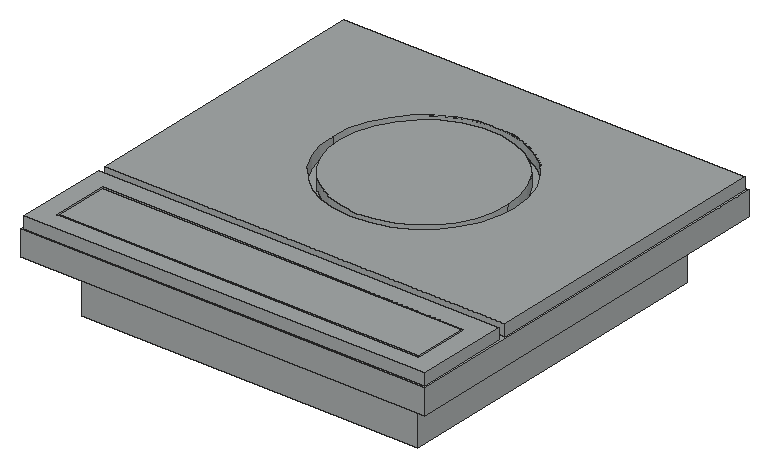
Revit family "Gira_5532920", category Electrical Fixtures, host Face, Revit 2017
Family settings
  Host = Face
  Maintain Annotation Orientation = Yes
  Round Connector Dimension = Use Diameter
  Part Type = Normal
  Cut with Voids When Loaded = No
  Shared = No
  Room Calculation Point = No
Parameters (values of type "Ruftastenmodul 2f System 106 Edelstahl")
  URL = "http://katalog.gira.de/de_DE/datenblatt.html?artikelnr=5532920"
  Region = "DE"
  Name = "Ruftastenmodul 2f System 106 Edelstahl"
  Model = "Sys106_Abdeckung_Schalten und Tasten"
  Manufacturer URL = "https://www.gira.de/"
  Installationstechnik = "Bus-System"
  Höhe = "0,1065 m"
  HeinzeBIM = "https://bimportal.heinze.de/bim/ruftastenmodul-2f-system-106-edelstahl/8a943be62d05ae9451a5db32d5b6f11aaaa9b980"
  HAN = "5532920"
  GTIN = "4010337022596"
  Edelstahl [instance] = Edelstahl
  Default Elevation = 1219.2 mm
  Data sheet (1) = "https://katalog.gira.de/de_DE/download.html?artikelnr=5532920"
  Category = "Funktionsmodul für Türkommunikation"
  Breite = "0,1065 m"
  Available = "Yes"
  Anzahl der Klingeltasten = "2 "
Reference planes
  plane 1 "Center (Front/Back)": y = 0
  plane 2 "Reference Level 0": z = 0
  plane 3 "Center (Left/Right)": x = 0
  plane 4 "Reference Level 1": z = 9.5
Forms (mm)
  Extrusion 1, solid, material "Edelstahl" <- "Edelstahl", detail levels coarse
    sketch origin (0, 0, 0) x (1, 0, 0) y (0, 1, 0)
      loop
        line (-53, 53) -> (-53, -53) -> (53, -53) -> (53, 53) -> (-53, 53)
    from -14.7 to 9.5
  Extrusion 2, solid, material "Edelstahl" <- "Edelstahl", detail levels fine
    sketch origin (0, 0, 0) x (1, 0, 0) y (0, 1, 0)
      loop
        line (52.5, -28) -> (-52.5, -28) -> (-52.5, -52.5) -> (52.5, -52.5) -> (52.5, -28)
      loop
        line (-47.5, -48) -> (47.5, -48) -> (47.5, -33) -> (-47.5, -33) -> (-47.5, -48)
    from 6.5 to 9.5
  Extrusion 3, solid, material "Edelstahl" <- "Edelstahl", detail levels fine
    sketch origin (0, 0, 0) x (1, 0, 0) y (0, 1, 0)
      loop
        line (-52.5, 52.5) -> (-52.5, -26) -> (52.5, -26) -> (52.5, 52.5) -> (-52.5, 52.5)
      loop
        circle (0, 13) r 24
    from 6.5 to 9.5
  Extrusion 4, solid, material "Edelstahl" <- "Edelstahl", detail levels medium+fine
    sketch origin (0, 0, 0) x (1, 0, 0) y (0, 1, 0)
      loop
        line (-53, 53) -> (-53, -53) -> (53, -53) -> (53, 53) -> (-53, 53)
    from 0 to 6.5
  Extrusion 5, solid, material "Edelstahl" <- "Edelstahl", detail levels fine
    sketch origin (0, 0, 0) x (1, 0, 0) y (0, 1, 0)
      loop
        line (-44, 44) -> (-44, -44) -> (44, -44) -> (44, 44) -> (-44, 44)
    from -14.7 to 0
  Extrusion 6, solid, material "Edelstahl" <- "Edelstahl", detail levels fine
    sketch origin (0, 0, 0) x (1, 0, 0) y (0, 1, 0)
      loop
        circle (0, 13) r 22
    from 6.5 to 9.5
  Extrusion 7, solid, material "Edelstahl" <- "Edelstahl", detail levels fine
    sketch origin (0, 0, 0) x (1, 0, 0) y (0, 1, 0)
      loop
        line (-47, -33.5) -> (-47, -47.5) -> (47, -47.5) -> (47, -33.5) -> (-47, -33.5)
    from 6.5 to 9.5
  Extrusion 8, solid, material "Edelstahl" <- "Edelstahl", detail levels medium
    sketch origin (0, 0, 0) x (1, 0, 0) y (0, 1, 0)
      loop
        line (-52.5, 52.5) -> (-52.5, -26) -> (52.5, -26) -> (52.5, 52.5) -> (-52.5, 52.5)
      loop
        line (-52.5, -28) -> (-52.5, -52.5) -> (52.5, -52.5) -> (52.5, -28) -> (-52.5, -28)
    from 6.5 to 9.5
  Extrusion 9, solid, material "Edelstahl" <- "Edelstahl", detail levels medium
    sketch origin (0, 0, 0) x (1, 0, 0) y (0, 1, 0)
      loop
        circle (0, 13) r 24
      loop
        line (-47.5, -33) -> (-47.5, -48) -> (47.5, -48) -> (47.5, -33) -> (-47.5, -33)
    from 6.5 to 9.5
Dimensions and locks
  aligned and locked: plane 2 "Reference Level 0" to host face
  aligned and locked: level to host face
  aligned and locked: Extrusion 4 to host face
  aligned and locked: Extrusion 4 to level
  aligned and locked: level to Extrusion 5
  aligned and locked: level to Extrusion 4
  aligned and locked: Extrusion 4 to plane 2 "Reference Level 0"
  aligned and locked: plane 2 "Reference Level 0" to Extrusion 5
  aligned and locked: plane 3 "Center (Left/Right)" to nested 1
  aligned and locked: plane 1 "Center (Front/Back)" to nested 1
Nested families
  nested 1: "Schalter" at (0, 0, 0), type "Schalter"
Connectors
  electrical at (0, 0, -14.7)
    settings: on Extrusion 5, index 1, voltage 220 V, apparent load 0 VA, apparent load phase1 0 VA, apparent load phase2 0 VA, apparent load phase3 0 VA, power factor 1, load classification "Other", number of poles 1, system type 30, power factor state 1, is connector primary yes, connector utility no, sub classification motor no, connector description ""
Definition of nested family "Schalter"
  Reference planes
    plane 1: y = 0
    plane 2: x = 0
  Lines and regions (mm)
    detail lines
      curve 1: circle (1.375, 2.778, 0) r 0.8 normal (0, 0, 1)
      curve 2: line (1.021, 2.061, 0) -> (0, 0, 0)
      curve 3: line (0, 0, 0) -> (-0.538, 0.266, 0)
  Dimensions and locks
    curve 2 to curve 2 = 2.3 mm
    curve 3 to curve 2 = 0.6 mm
    radius of curve 1 = 0.8 mm
